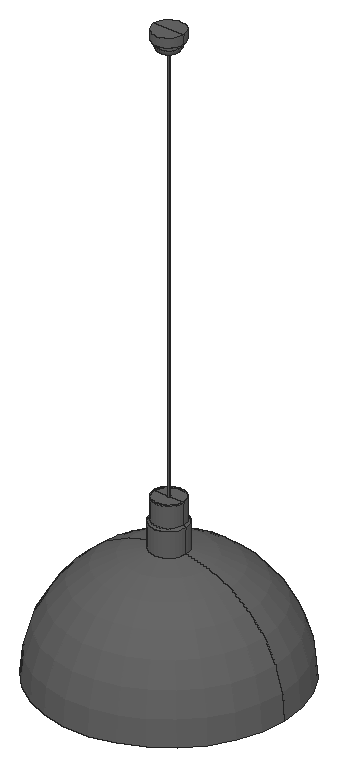
Revit family "OSND MB 24,36,42", category Lighting Fixtures, Revit 2020
Family settings
  Round Connector Dimension = Use Diameter
  Part Type = Normal
  OmniClass Number = 23.80.70.00
  OmniClass Title = Lighting
  Work Plane-Based = No
  Always vertical = Yes
  Cut with Voids When Loaded = No
  Light Source = Yes
  Shared = No
  Room Calculation Point = No
Parameters (values of type "OSND42")
  b = 0' - 6"
  a = 2' - 5"
  Weight = "25.5 lbs"
  Wattage Comments = "200 W Max"  # constant formula
  Wattage = 20.1963 W
  Warranty = "5 year limited warranty"  # constant formula
  built-in parameter 1150110 = 1 (stored number, unit not read)
  Voltage = 277 V  # constant formula
  URL = "https://www.anplighting.com/assets/Uploads/product-attachments/specification-sheets/ANP-Specification-Sheet-RLM-MB-OSND42.pdf"
  built-in parameter 1114217 = 1 (stored number, unit not read)
  Tilt Angle = 90.00°
  built-in parameter 1150109 = 1 (stored number, unit not read)
  built-in parameter 1150134 = 12
  built-in parameter 1150113 = 1 (stored number, unit not read)
  Photometric Web File = "generic"
  OSND42 = yes
  OSND36 = no
  OSND24 = no
  built-in parameter 1150142 = (empty or 0)
  Mounting Option [instance] = 1
  Power Factor = 1
  Post Mount [instance] = Mounting Option = 5  # no
  Placement X axis side [instance] = if(Post Mount, 2' 2 15/32", if(Cord or Stem Mount, 0' 0", if(E36 20 inch, 1' 8 1/4", if(E 6 26 inch, 2' 2", if(E7 41 inch, 3' 5 1/4", 0' 1")))))  # 0' - 0"
  Model = "OSND42"
  Manufacturer = "ANP Lighting"  # constant formula
  built-in parameter 1150105 = 238.73 (stored number, unit not read)
  Lumens = 3000 lm
  built-in parameter 1150115 = 1 (stored number, unit not read)
  Load Classification = Lighting
  Light Source Height [instance] = 0' - 0"
  built-in parameter 1150137 = (empty or 0)
  built-in parameter 1150139 = (empty or 0)
  Light Elevation _2 [instance] = if(Post Mount, 0' 0.66142", if(E7 41 inch, 0' 0.66142", if(E36 20 inch, 0' 1.65748", if(E 6 26 inch, 0' 1.53543", if(Cord or Stem Mount, (0' 4.3622" + Cord Length), 0' 0")))))  # 6' - 4.3622"
  Light Elevation _1 [instance] = if(Post Mount, 0' 0", if(E7 41 inch, 0' 0", if(E36 20 inch, 0' 1", if(E 6 26 inch, 0' 0.87402", if(Cord or Stem Mount, (0' 3.66142" + Cord Length), 0' 0")))))  # 6' - 3.66142"
  Light Elevation [instance] = if(Post Mount, 14' 0.5315", if(E7 41 inch, 0' 0", 0' 0"))  # 0' - 0"
  Life = "L70 50,000 hours"  # constant formula
  built-in parameter 1150112 = 1 (stored number, unit not read)
  built-in parameter 1150114 = 1 (stored number, unit not read)
  Lamp = "MB"
  built-in parameter 1150132 = 2
  built-in parameter 1150102 = (empty or 0)
  built-in parameter 1150107 = 4000 (stored number, unit not read)
  built-in parameter 1150138 = (empty or 0)
  built-in parameter 1150106 = 2.3873 (stored number, unit not read)
  Fixture Height = 2' - 5"
  Fixture Diameter = 3' - 6"
  Efficiency = "65-125 lumens per watt"  # constant formula
  built-in parameter 1150104 = 13.8 (stored number, unit not read)
  E7 41 inch [instance] = Mounting Option = 4  # no
  E36 20 inch [instance] = Mounting Option = 3  # no
  E 6 26 inch [instance] = Mounting Option = 2  # no
  Dimming Lamp Color Temperature Shift = <None>
  Dimming = "1%"  # constant formula
  Description = "120-277 Voltage"  # constant formula
  Default Elevation = 0' - 0"
  Cord or Stem Mount [instance] = Mounting Option = 1  # yes
  Cord Length option [instance] = 0
  Cord Length [instance] = if([2' Cord], 2' 0", if([4' Cord], 4' 0", if([8' Cord], 8' 0", if([10' Cord], 10' 0", if([6' Cord], 6' 0", 6' 0")))))  # 6' - 0"
  Construction Material = "Heavy Duty spun aluminum."  # constant formula
  Color Filter = 16777215
  Canopy Body = body
  CRI = ">90"  # constant formula
  Bulb = Bulb
  Body Material = body
  Body Colour = "Spun aluminium"  # constant formula
  built-in parameter 1114218 = 1 (stored number, unit not read)
  built-in parameter 1150133 = 10 (stored number, unit not read)
  Apparent Load = 200 VA
  8' Cord [instance] = Cord Length option = 8  # no
  6' Cord [instance] = Cord Length option = 6  # no
  4' Cord [instance] = Cord Length option = 4  # no
  2' Cord [instance] = Cord Length option = 2  # no
  10' Cord [instance] = Cord Length option = 10  # no
Types (4): name | b | a | Weight | URL | OSND42 | OSND36 | OSND24 | Model | Fixture Height | Fixture Diameter
  (no name) | 0' - 6" | 2' - 5" | "25.5 lbs" | "https://www.anplighting.com/assets/Uploads/product-attachments/specification-sheets/ANP-Specification-Sheet-RLM-MB-OSND42.pdf" | yes | no | no | "OSND42" | 2' - 5" | 3' - 6"
  OSND24 | 0' - 7" | 1' - 8" | "9.0 lbs" | "https://www.anplighting.com/assets/Uploads/product-attachments/specification-sheets/ANP-Specification-Sheet-RLM-MB-OSND24.pdf" | no | no | yes | "OSND24" | 1' - 8" | 2' - 0"
  OSND36 | 0' - 10" | 2' - 2" | "20.0 lbs" | "https://www.anplighting.com/assets/Uploads/product-attachments/specification-sheets/ANP-Specification-Sheet-RLM-MB-OSND36.pdf" | no | yes | no | "OSND36" | 2' - 2" | 3' - 0"
  OSND42 | 0' - 6" | 2' - 5" | "25.5 lbs" | "https://www.anplighting.com/assets/Uploads/product-attachments/specification-sheets/ANP-Specification-Sheet-RLM-MB-OSND42.pdf" | yes | no | no | "OSND42" | 2' - 5" | 3' - 6"
Reference planes (in)
  plane 1 "Light Source Axis (F/B)": y = 0
  plane 2: z = 0
  plane 3 "Light Source Axis (L/R)": x = 0
  plane 4 "Light Source Elevation": z = 0
  plane 5: z = 0
  plane 6: x = 0
  plane 7 "Bulb Position": z = -76.3622
  plane 8 "Canopy Position": z = -75.66142
  plane 9 "IES": z = -76.3622
  plane 10: z = 164.5315
  plane 11: z = -104.66142
  plane 12: z = -98.66142
  plane 13: z = -96.23029
Dimensions and locks (in)
  "Light Elevation": plane 5 to plane 2
  "Placement X axis side": plane 6 to plane 3 "Light Source Axis (L/R)"
  "Light Elevation _2": plane 5 to plane 7 "Bulb Position"
  "Light Elevation _1": plane 5 to plane 8 "Canopy Position"
  "Light Source Height": plane 7 "Bulb Position" to plane 9 "IES"
  plane 4 "Light Source Elevation" to plane 2 = 0' - 0"
  "a": plane 8 "Canopy Position" to plane 11
  "b": plane 12 to plane 11
  locked: plane 13 to plane 12 at 2.43113
  aligned and locked: level to plane 2
  aligned and locked: plane 1 "Light Source Axis (F/B)" to nested 5
  aligned and locked: nested 5 to plane 2
  aligned and locked: nested 1 to plane 3 "Light Source Axis (L/R)"
  aligned and locked: plane 3 "Light Source Axis (L/R)" to nested 2
  aligned and locked: plane 3 "Light Source Axis (L/R)" to nested 4
  aligned and locked: nested 3 to plane 5
  aligned and locked: plane 3 "Light Source Axis (L/R)" to nested 3
  aligned and locked: plane 3 "Light Source Axis (L/R)" to nested 5
  aligned and locked: plane 1 "Light Source Axis (F/B)" to nested 2
  aligned and locked: plane 1 "Light Source Axis (F/B)" to nested 1
  aligned and locked: plane 1 "Light Source Axis (F/B)" to nested 4
  aligned and locked: plane 1 "Light Source Axis (F/B)" to nested 3
  aligned and locked: plane 2 to nested 1
  aligned and locked: plane 2 to nested 2
  aligned and locked: nested 4 to plane 2
  aligned and locked: imposter light to plane 6
  aligned and locked: plane 12 to imposter light
  aligned and locked: plane 6 to nested 6
  aligned and locked: plane 6 to nested 7
  aligned and locked: plane 6 to nested 8
  aligned and locked: plane 1 "Light Source Axis (F/B)" to nested 7
  aligned and locked: plane 1 "Light Source Axis (F/B)" to nested 6
  aligned and locked: plane 1 "Light Source Axis (F/B)" to nested 8
  aligned and locked: nested 8 to plane 8 "Canopy Position"
  aligned and locked: nested 7 to plane 8 "Canopy Position"
  aligned and locked: nested 6 to plane 8 "Canopy Position"
Nested families (in)
  nested 1: "CORD OR STEM MOUNT" at (0, 0, -75.67), visible <- "Cord or Stem Mount", Cord or Stem Mount <- "Cord or Stem Mount", Body Material <- "Body Material", Light Elevation <- "Light Elevation", Cord Length <- "Cord Length", 10' Cord <- "10' Cord", 2' Cord <- "2' Cord", 4' Cord <- "4' Cord", 6' Cord <- "6' Cord", 8' Cord <- "8' Cord", type "CORD OR STEM MOUNT"
    with Light Elevation 0' - 0", Cord or Stem Mount yes, Cord Length 6' - 0", Body Material body, 8' Cord no, 6' Cord no, 4' Cord no, 2' Cord no, 10' Cord no
  nested 2: "E6 26 INCH" at (0, 0, 0), visible <- "E 6 26 inch", Chain Length <- "Cord Length", E 6 26 inch <- "E 6 26 inch", Placement X axis side <- "Placement X axis side", Body Material <- "Body Material", Light Elevation <- "Light Elevation", type "E6 26 INCH"
    with Placement X axis side 0' - 0", Light Elevation 0' - 0", E 6 26 inch no, Chain Length 6' - 0", Body Material body
  nested 3: "E7 41 INCH" at (0, 0, 0), Chain Length <- "Cord Length", visible <- "E7 41 inch", E7 41 inch <- "E7 41 inch", Placement X axis side <- "Placement X axis side", Body Material <- "Body Material", Light Elevation <- "Light Elevation", type "E7 41 INCH"
    with Placement X axis side 0' - 0", Light Elevation 0' - 0", E7 41 inch no, Chain Length 6' - 0", Body Material body
  nested 4: "E36 20 INCH" at (0, 0, 0), visible <- "E36 20 inch", E36 20 inch <- "E36 20 inch", Placement X axis side <- "Placement X axis side", Chain Length <- "Cord Length", Body Material <- "Body Material", Light Elevation <- "Light Elevation", type "E36 20 INCH"
    with Placement X axis side 0' - 0", Light Elevation 0' - 0", E36 20 inch no, Chain Length 6' - 0", Body Material body
  nested 5: "POST MOUNT" at (0, 0, 0), visible <- "Post Mount", Post Mount <- "Post Mount", Placement X axis side <- "Placement X axis side", Chain Length <- "Cord Length", Body Material <- "Body Material", Light Elevation <- "Light Elevation", type "POST MOUNT"
    with Post Mount no, Placement X axis side 0' - 0", Light Elevation 0' - 0", Chain Length 6' - 0", Body Material body
  nested 6: "OSND24_1" at (0, 0, -75.66142), Light Elevation <- "Light Elevation", OSND24 <- "OSND24", visible <- "OSND24", Body <- "Canopy Body", Bulb <- "Bulb", type "OSND24_1"
    with OSND24 no, Light Elevation 0' - 0", Bulb Bulb, Body body
  nested 7: "OSND36_1" at (0, 0, -75.66142), Light Elevation <- "Light Elevation", OSND36 <- "OSND36", visible <- "OSND36", Body <- "Canopy Body", Bulb <- "Bulb", type "OSND36_1"
    with OSND36 no, Light Elevation 0' - 0", Bulb Bulb, Body body
  nested 8: "OSND42_1" at (0, 0, -75.66142), Light Elevation <- "Light Elevation", OSND42 <- "OSND42", visible <- "OSND42", Body <- "Canopy Body", Bulb <- "Bulb", type "OSND42_1"
    with OSND42 yes, Light Elevation 0' - 0", Bulb Bulb, Body body
Definition of nested family "CORD OR STEM MOUNT"
  Parameters (values of type "CORD OR STEM MOUNT")
    URL = ""
    Model = ""
    Manufacturer = ""
    Light Elevation [instance] = 1' - 7.69"
    Default Elevation = 0' - 0"
    Cord or Stem Mount [instance] = yes
    Cord Length [instance] = 6' - 0"
    Body Material [instance] = none
    8' Cord [instance] = no
    6' Cord [instance] = no
    4' Cord [instance] = no
    2' Cord [instance] = no
    10' Cord [instance] = no
  Reference planes (in)
    plane 1 "Light Source Axis (F/B)": y = 0
    plane 2: z = 0
    plane 3 "Light Source Axis (L/R)": x = 0
    plane 4 "Light Source Elevation": z = 23.125
    plane 5: z = 91.69
    plane 6: z = 19.69
  Forms (in)
    Extrusion 1, void, not visible
      sketch origin (0, 0, 2.38154) x (1, 0, 0) y (0, 0, 1)
        loop
          circle (0, 4.59925) r 0.16583
      from 1.18594 to 1.75
    Extrusion 2, void, not visible
      sketch origin (0, 0, 2.38154) x (0.707107, -0.707107, 0) y (0, 0, 1)
        loop
          circle (0, 4.59925) r 0.16583
      from 1.18594 to 1.75
    Extrusion 3, void, not visible
      sketch origin (0, 0, 2.38154) x (0.707107, 0.707107, 0) y (0, 0, 1)
        loop
          circle (0, 4.59925) r 0.16583
      from 1.18594 to 1.75
    Extrusion 4, void, not visible
      sketch origin (0, 0, 2.38154) x (0, 1, 0) y (0, 0, 1)
        loop
          circle (0, 4.59925) r 0.16583
      from 1.18594 to 1.75
    Extrusion 5, void, not visible
      sketch origin (0, 0, 2.38154) x (-0.707107, 0.707107, 0) y (0, 0, 1)
        loop
          circle (0, 4.59925) r 0.16583
      from 1.18594 to 1.75
    Extrusion 6, void, not visible
      sketch origin (0, 0, 2.38154) x (-1, 0, 0) y (0, 0, 1)
        loop
          circle (0, 4.59925) r 0.20678
      from 1.18594 to 1.75
    Extrusion 7, void, not visible
      sketch origin (0, 0, 2.38154) x (-0.707107, -0.707107, 0) y (0, 0, 1)
        loop
          circle (0, 4.59925) r 0.16583
      from 1.18594 to 1.75
    Extrusion 8, void, not visible
      sketch origin (0, 0, 2.38154) x (0, -1, 0) y (0, 0, 1)
        loop
          circle (0, 4.59925) r 0.16583
      from 1.18594 to 1.75
    Revolve 9, solid, material <- "Body Material", visible <- "Cord or Stem Mount"
      sketch origin (0, 0, 174.56698) x (1, 0, 0) y (0, 0, 1)
        loop
          line (2.6875, -79.20698) -> (0, -79.20698) -> (0, -82.87698) -> (0.125, -82.87698) -> (0.125, -82.83698) -> (0.75, -82.83698)
          arc (0.75, -82.83698) -> (0.81694, -82.77004) -> (0.75, -82.7031) r 0.06694
          line (0.75, -82.7031) -> (0.89763, -82.7031) -> (1.00223, -82.5985) -> (1.06587, -82.5985)
          arc (1.06587, -82.5985) -> (1.80099, -82.29401) -> (2.10549, -81.55888) r 1.03962
          line (2.10549, -81.55888) -> (2.10549, -81.03899)
          arc (2.10549, -81.03899) -> (2.12951, -80.981) -> (2.1875, -80.95698) r 0.08201
          line (2.1875, -80.95698) -> (2.1875, -80.70698) -> (2.6875, -80.70698) -> (2.6875, -79.20698)
        axis (0, -79.20698) -> (0, -82.87698)
      angle from 0 to 360
    Revolve 10, solid, material <- "Body Material", visible <- "Cord or Stem Mount"
      sketch origin (0, 0, 0) x (1, 0, 0) y (0, 0, 1)
        loop
          line (0, 91.69) -> (-0.125, 91.69) -> (-0.125, 19.69) -> (0, 19.69) -> (0, 91.69)
        axis (0, 19.69) -> (0, 91.69)
      angle from 0 to 360
  Dimensions and locks (in)
    "Light Elevation": plane 6 to plane 2
    "Cord Length": plane 5 to plane 6
    locked: Revolve 10 sketch curve to Revolve 10 sketch curve at 0.125
    aligned and locked: level to plane 2
    aligned and locked: Revolve 10 sketch curve to plane 3 "Light Source Axis (L/R)"
    aligned and locked: Revolve 10 sketch curve to plane 6
    aligned and locked: Revolve 10 sketch curve to plane 5
    aligned and locked: plane 3 "Light Source Axis (L/R)" to Revolve 10 sketch curve
  Automatic sketch dimensions
    Revolve 9 sketch curve to plane 3 "Light Source Axis (L/R)" = 0' - 0"  (x2)
    Revolve 9 sketch curve to plane 5 = 0' - 0"
    plane 3 "Light Source Axis (L/R)" to Revolve 9 sketch curve = 0' - 0 1/8"
    Revolve 9 sketch curve to plane 5 = 0' - 0.17388"
    Revolve 9 sketch curve to Revolve 9 sketch curve = 0' - 0 5/8"
    Revolve 9 sketch curve to Revolve 9 sketch curve = 0' - 0.14763"
    Revolve 9 sketch curve to plane 5 = 0' - 0.27847"
    Revolve 9 sketch curve to Revolve 9 sketch curve = 0' - 0.1046"
    Revolve 9 sketch curve to Revolve 9 sketch curve = 0' - 0.06364"
    Revolve 9 sketch curve to Revolve 9 sketch curve = 0' - 1.03962"
    Revolve 9 sketch curve to Revolve 9 sketch curve = 0' - 0 21/256"
    Revolve 9 sketch curve to Revolve 9 sketch curve = 0' - 0 1/2"  (x2)
    Revolve 9 sketch curve to Revolve 9 sketch curve = 0' - 0.51989"
    Revolve 9 sketch curve to Revolve 9 sketch curve = 0' - 0 1/4"
    Revolve 9 sketch curve to Revolve 9 sketch curve = 0' - 2.3519"
    Revolve 9 sketch curve to Revolve 9 sketch curve = 0' - 1 1/4"
    Revolve 9 sketch curve to Revolve 9 sketch curve = 0' - 0.04"
    Revolve 10 sketch curve to Revolve 10 sketch curve = 0' - 0 1/2"
    Revolve 10 sketch curve to Revolve 10 sketch curve = 0' - 0.42345"
Definition of nested family "OSND42_1"
  Parameters (values of type "OSND42_1")
    OSND42 [instance] = yes
    Light Elevation [instance] = 5' - 0"
    Default Elevation = 0' - 0"
    Bulb [instance] = none
    Body [instance] = none
  Reference planes (in)
    plane 1 "Center (Front/Back)": y = 0
    plane 2: z = 0
    plane 3 "Center (Left/Right)": x = 0
    plane 4: z = 60
  Dimensions and locks (in)
    "Light Elevation": plane 4 to plane 2
    locked: plane 4 to nested 2 at 8.1115
    aligned and locked: plane 2 to level
    aligned and locked: plane 3 "Center (Left/Right)" to nested 1
    aligned and locked: plane 1 "Center (Front/Back)" to nested 1
    aligned and locked: plane 4 to nested 1
  Nested families (in)
    nested 1: "OSND42" at (0, 0, 31), BODY <- "Body", visible <- "OSND42", OSND42 <- "OSND42", type "Standard"
      with OSND42 yes, BODY none
    nested 2: "MB BULB" at (0, 0, 43.73289), Bulb <- "Bulb", visible <- "OSND42", OSND42 <- "OSND42", type "MB BULB"
      with OSND42 yes, Bulb none
  Definition of nested family "OSND42"
    Parameters (values of type "Standard")
      OSND42 [instance] = yes
      BODY [instance] = none
      Default Elevation = 0' - 0"
    Reference planes (in)
      plane 1 "Center (Front/Back)": y = 0
      plane 2: z = 0
      plane 3 "Center (Left/Right)": x = 0
      plane 4: z = 29
      plane 5: x = 21
      plane 6: x = -21
    Forms (in)
      Revolve 1, solid, material <- "BODY", visible <- "OSND42"
        sketch origin (0, 0, 0) x (1, 0, 0) y (0, 0, 1)
          loop
            line (-21, 0) -> (-20.90624, 0)
            arc (-20.90624, 0) -> (-15.88599, 13.70277) -> (-3.07087, 20.68429) r 20.69167
            line (-3.07087, 20.68429) -> (-3.07087, 24.90046) -> (-2.97771, 24.90046)
            arc (-2.97771, 24.90046) -> (-2.74242, 24.99792) -> (-2.64496, 25.23321) r 0.33275
            line (-2.64496, 25.23321) -> (-2.64496, 28.86617)
            arc (-2.64496, 28.86617) -> (-2.63322, 28.89451) -> (-2.60488, 28.90625) r 0.04008
            line (-2.60488, 28.90625) -> (-0.26926, 28.90625) -> (-0.26926, 29) -> (-2.67583, 29)
            arc (-2.67583, 29) -> (-2.72029, 28.98158) -> (-2.73871, 28.93712) r 0.06288
            line (-2.73871, 28.93712) -> (-2.73871, 25.30196)
            arc (-2.73871, 25.30196) -> (-2.83303, 25.07426) -> (-3.06073, 24.97995) r 0.32202
            line (-3.06073, 24.97995) -> (-3.16462, 24.97995) -> (-3.16462, 20.76573)
            arc (-3.16462, 20.76573) -> (-15.98334, 13.7334) -> (-21, 0) r 20.78543
          axis (0, 0) -> (0, 29)
        angle from 0 to 360
    Dimensions and locks (in)
      plane 4 to plane 2 = 2' - 5"
      plane 5 to plane 3 "Center (Left/Right)" = 1' - 9"
      equal spacing: plane 6, plane 3 "Center (Left/Right)", plane 5
      plane 6 to plane 5 = 3' - 6"
      aligned and locked: plane 2 to level
    Automatic sketch dimensions
      Revolve 1 sketch curve to Revolve 1 sketch curve = 0' - 0"  (x2)
      Revolve 1 sketch curve to level = 0' - 0"
      plane 6 to Revolve 1 sketch curve = 0' - 0"
      Revolve 1 sketch curve to plane 4 = 0' - 0"
      Revolve 1 sketch curve to plane 3 "Center (Left/Right)" = 0' - 0"
      Revolve 1 sketch curve to Revolve 1 sketch curve = 0' - 0 3/32"  (x3)
      Revolve 1 sketch curve to plane 3 "Center (Left/Right)" = 0' - 3.16462"
      Revolve 1 sketch curve to Revolve 1 sketch curve = 0' - 0.10389"
      Revolve 1 sketch curve to Revolve 1 sketch curve = 0' - 0.08302"
      Revolve 1 sketch curve to plane 4 = 0' - 0.06288"
      Revolve 1 sketch curve to plane 3 "Center (Left/Right)" = 0' - 2.73871"
      Revolve 1 sketch curve to Revolve 1 sketch curve = 0' - 0.04008"
      Revolve 1 sketch curve to plane 3 "Center (Left/Right)" = 0' - 0.26926"
      Revolve 1 sketch curve to plane 3 "Center (Left/Right)" = 0' - 0.21545"
      level to Revolve 1 sketch curve = 0' - 0.19059"
      Revolve 1 sketch curve to Revolve 1 sketch curve = 0' - 4.03667"
      Revolve 1 sketch curve to Revolve 1 sketch curve = 0' - 0.07949"
      Revolve 1 sketch curve to Revolve 1 sketch curve = 0' - 0.07095"
      Revolve 1 sketch curve to Revolve 1 sketch curve = 0' - 3.18039"
      Revolve 1 sketch curve to Revolve 1 sketch curve = 0' - 4"
  Definition of nested family "MB BULB"
    Parameters (values of type "MB BULB")
      OSND42 [instance] = yes
      Default Elevation = 0' - 0"
      Bulb [instance] = none
    Reference planes (in)
      plane 1 "Center (Front/Back)": y = 0
      plane 2: z = 0
      plane 3 "Center (Left/Right)": x = 0
      plane 4: x = -11
      plane 5: z = 8
      plane 6: x = 11
    Forms (in)
      Revolve 1, solid, material <- "Bulb", visible <- "OSND42"
        sketch origin (0, 0, 0) x (1, 0, 0) y (0, 0, 1)
          loop
            line (0, 6.26711) -> (0.52888, 6.26711) -> (0.64833, 6.38656) -> (0.64833, 7.69749) -> (0.60338, 7.82099) -> (0, 7.82099) -> (0, 6.26711)
          axis (0, 7.82099) -> (0, 6.26711)
        angle from 0 to 360
      Extrusion 2, solid, material <- "Bulb", visible <- "OSND42"
        sketch origin (0, 0, 0) x (1, 0, 0) y (0, 1, 0)
          loop
            line (-0.25215, 0.13417) -> (-0.25215, -0.15988) -> (0.30767, -0.15988) -> (0.30767, 0.13417) -> (-0.25215, 0.13417)
        from 7.82099 to 8.15561
      Extrusion 3, solid, material <- "Bulb", visible <- "OSND42"
        sketch origin (0, 0, 0) x (1, 0, 0) y (0, 0, 1)
          loop
            line (0.30767, 8.15561) -> (0.30767, 7.82099) -> (0.34941, 7.82099) -> (0.34941, 8.08825) -> (0.30767, 8.15561)
        from -0.13417 to 0.15988
      Revolve 4, solid, material <- "Bulb", visible <- "OSND42"
        sketch origin (0, 0, 0.0572) x (1, 0, 0) y (0, 0, 1)
          loop
            line (0.34941, 7.89742) -> (0.44052, 7.89742) -> (0.44052, 7.93962) -> (0.4223, 7.96563) -> (0.38263, 7.96563) -> (0.38263, 7.93181) -> (0.34941, 7.93181) -> (0.34941, 7.89742)
          axis (0.34941, 7.89742) -> (0.44052, 7.89742)
        angle from 0 to 360
    Dimensions and locks (in)
      plane 5 to plane 2 = 0' - 8"
      plane 3 "Center (Left/Right)" to plane 4 = 0' - 11"
      plane 6 to plane 4 = 1' - 10"
      plane 3 "Center (Left/Right)" to Extrusion 2 = 0' - 0.25215"
      aligned and locked: plane 2 to level
      aligned and locked: Extrusion 2 to Revolve 1
      aligned and locked: Extrusion 2 to Extrusion 3
Definition of nested family "E6 26 INCH"
  Parameters (values of type "E6 26 INCH")
    URL = ""
    Placement X axis side [instance] = 2' - 2"
    Model = ""
    Manufacturer = ""
    Light Elevation [instance] = 8' - 4"
    E 6 26 inch [instance] = yes
    Default Elevation = 0' - 0"
    Chain Length [instance] = 0' - 0"
    Body Material [instance] = none
  Reference planes (in)
    plane 1 "Light Source Axis (F/B)": y = 0
    plane 2: z = 0
    plane 3 "Light Source Axis (L/R)": x = 0
    plane 4 "Light Source Elevation": z = 23.125
    plane 5: z = 100
    plane 6: x = -26
    plane 7: z = 99.125
    plane 8: x = -24.12
    plane 9: x = -25.5474
  Forms (in)
    Extrusion 1, void, not visible
      sketch origin (0, 0, 2.38154) x (1, 0, 0) y (0, 0, 1)
        loop
          circle (0, 4.59925) r 0.16583
      from 1.18594 to 1.75
    Extrusion 2, void, not visible
      sketch origin (0, 0, 2.38154) x (0.707107, -0.707107, 0) y (0, 0, 1)
        loop
          circle (0, 4.59925) r 0.16583
      from 1.18594 to 1.75
    Extrusion 3, void, not visible
      sketch origin (0, 0, 2.38154) x (0.707107, 0.707107, 0) y (0, 0, 1)
        loop
          circle (0, 4.59925) r 0.16583
      from 1.18594 to 1.75
    Extrusion 4, void, not visible
      sketch origin (0, 0, 2.38154) x (0, 1, 0) y (0, 0, 1)
        loop
          circle (0, 4.59925) r 0.16583
      from 1.18594 to 1.75
    Extrusion 5, void, not visible
      sketch origin (0, 0, 2.38154) x (-0.707107, 0.707107, 0) y (0, 0, 1)
        loop
          circle (0, 4.59925) r 0.16583
      from 1.18594 to 1.75
    Extrusion 6, void, not visible
      sketch origin (0, 0, 2.38154) x (-1, 0, 0) y (0, 0, 1)
        loop
          circle (0, 4.59925) r 0.20678
      from 1.18594 to 1.75
    Extrusion 7, void, not visible
      sketch origin (0, 0, 2.38154) x (-0.707107, -0.707107, 0) y (0, 0, 1)
        loop
          circle (0, 4.59925) r 0.16583
      from 1.18594 to 1.75
    Extrusion 8, void, not visible
      sketch origin (0, 0, 2.38154) x (0, -1, 0) y (0, 0, 1)
        loop
          circle (0, 4.59925) r 0.16583
      from 1.18594 to 1.75
    Sweep 9, solid, material <- "Body Material", visible <- "E 6 26 inch"
      path origin (-41.25, 0, 168.51693) x (1, 0, 0) y (0, 0, 1)
        loop
          line (17.13, -68.51693) -> (27.68551, -68.51693)
          arc (27.68551, -68.51693) -> (28.47996, -68.34486) -> (29.13202, -67.8595) r 1.92004
          line (29.13202, -67.8595) -> (34.23651, -62.01155)
          arc (34.23651, -62.01155) -> (38.65464, -60.89667) -> (41.25, -64.64193) r 4
          line (41.25, -64.64193) -> (41.25, -69.39193)
      profile origin (-18.84224, 0, 100) x (0, 0, 1) y (0, -1, 0)
        loop
          circle (0, 0) r 0.5
    Revolve 10, solid, material <- "Body Material", visible <- "E 6 26 inch"
      sketch origin (-26, 0, 168.51693) x (1, 0, 0) y (0, 0, 1)
        loop
          line (0, -66.07943) -> (0, -68.51693) -> (1.88, -68.51693) -> (1.88, -67.69272) -> (0.4526, -67.69272) -> (0.4526, -66.54122) -> (0.33125, -66.54122) -> (0.33125, -66.07943) -> (0, -66.07943)
        axis (0, -68.51693) -> (1.88, -68.51693)
      angle from 0 to 360
    Extrusion 11, solid, material <- "Body Material", visible <- "E 6 26 inch"
      sketch origin (-26, 0, 168.51693) x (0, -1, 0) y (0, 0, -1)
        loop
          line (0.25, 68.51693) -> (0.25, 69.51693) -> (-0.25, 69.51693) -> (-0.25, 68.51693) -> (0.25, 68.51693)
      from 0.4526 to 1.88
  Cuts and joins
    joined: Revolve 10, Extrusion 11
  Dimensions and locks (in)
    "Light Elevation": plane 5 to plane 2
    "Placement X axis side": plane 3 "Light Source Axis (L/R)" to plane 6
    locked: plane 5 to plane 7 at 0.875
    Revolve 10 sketch curve to Revolve 10 sketch curve to Revolve 10 sketch curve to plane 6 = 0' - 1.4274" locked, 0' - 0.12135" locked, 0' - 0.33125" locked
    Revolve 10 sketch curve to Revolve 10 sketch curve to Revolve 10 sketch curve to plane 5 = 0' - 0.46179" locked, 0' - 1.1515" locked, 0' - 0 211/256" locked
    locked: Sweep 9 sketch curve to plane 6 at 1.88
    locked: Sweep 9 sketch curve to Sweep 9 sketch curve at 10.55551
    locked: Sweep 9 sketch curve to Sweep 9 sketch curve at 13.56449
    locked: Sweep 9 sketch curve to Sweep 9 sketch curve at 4.75
    locked: plane 9 to plane 6 at 0.4526
    locked: plane 8 to plane 9 at 1.4274
    aligned and locked: level to plane 2
    aligned and locked: Revolve 10 sketch curve to plane 6
    aligned and locked: plane 5 to Revolve 10 sketch curve
    aligned and locked: Revolve 10 sketch curve to plane 5
    aligned and locked: cut or joined group of Revolve 10, Extrusion 11 to plane 9
    aligned and locked: plane 8 to cut or joined group of Revolve 10, Extrusion 11
  Automatic sketch dimensions
    Sweep 9 sketch curve to plane 5 = 0' - 0"
    Sweep 9 sketch curve to Sweep 9 sketch curve = 0' - 4"
    Sweep 9 sketch curve to Sweep 9 sketch curve = 0' - 3.01349"
    plane 5 to Sweep 9 sketch curve = 0' - 0.65743"
    Sweep 9 sketch curve to Sweep 9 sketch curve = 0' - 1.4465"
    Sweep 9 sketch curve to plane 5 = 0' - 0 7/8"
    profile plane to Sweep 9 sketch curve = 0' - 0"
    Sweep 9 sketch curve to profile plane = 0' - 0"
    plane 6 to Revolve 10 sketch curve = 0' - 0.62562"
    Revolve 10 sketch curve to Revolve 10 sketch curve = 0' - 0 1/2"
    Extrusion 11 sketch curve to plane 5 = 0' - 0"
    plane 1 "Light Source Axis (F/B)" to Extrusion 11 sketch curve = 0' - 0 1/4"
    Extrusion 11 sketch curve to plane 1 "Light Source Axis (F/B)" = 0' - 0 1/4"
    plane 5 to Extrusion 11 sketch curve = 0' - 1"
    radius of Sweep 9 sketch curve = 0' - 0 1/2"
Definition of nested family "E7 41 INCH"
  Parameters (values of type "E7 41 INCH")
    URL = ""
    Placement X axis side [instance] = 4' - 2"
    Model = ""
    Manufacturer = ""
    Light Elevation [instance] = 8' - 4"
    E7 41 inch [instance] = yes
    Default Elevation = 0' - 0"
    Chain Length [instance] = 0' - 0"
    Body Material [instance] = none
  Reference planes (in)
    plane 1 "Light Source Axis (F/B)": y = 0
    plane 2: z = 0
    plane 3 "Light Source Axis (L/R)": x = 0
    plane 4 "Light Source Elevation": z = 23.125
    plane 5: z = 100
    plane 6: x = -50
  Forms (in)
    Extrusion 1, void, not visible
      sketch origin (0, 0, 2.38154) x (1, 0, 0) y (0, 0, 1)
        loop
          circle (0, 4.59925) r 0.16583
      from 1.18594 to 1.75
    Extrusion 2, void, not visible
      sketch origin (0, 0, 2.38154) x (0.707107, -0.707107, 0) y (0, 0, 1)
        loop
          circle (0, 4.59925) r 0.16583
      from 1.18594 to 1.75
    Extrusion 3, void, not visible
      sketch origin (0, 0, 2.38154) x (0.707107, 0.707107, 0) y (0, 0, 1)
        loop
          circle (0, 4.59925) r 0.16583
      from 1.18594 to 1.75
    Extrusion 4, void, not visible
      sketch origin (0, 0, 2.38154) x (0, 1, 0) y (0, 0, 1)
        loop
          circle (0, 4.59925) r 0.16583
      from 1.18594 to 1.75
    Extrusion 5, void, not visible
      sketch origin (0, 0, 2.38154) x (-0.707107, 0.707107, 0) y (0, 0, 1)
        loop
          circle (0, 4.59925) r 0.16583
      from 1.18594 to 1.75
    Extrusion 6, void, not visible
      sketch origin (0, 0, 2.38154) x (-1, 0, 0) y (0, 0, 1)
        loop
          circle (0, 4.59925) r 0.20678
      from 1.18594 to 1.75
    Extrusion 7, void, not visible
      sketch origin (0, 0, 2.38154) x (-0.707107, -0.707107, 0) y (0, 0, 1)
        loop
          circle (0, 4.59925) r 0.16583
      from 1.18594 to 1.75
    Extrusion 8, void, not visible
      sketch origin (0, 0, 2.38154) x (0, -1, 0) y (0, 0, 1)
        loop
          circle (0, 4.59925) r 0.16583
      from 1.18594 to 1.75
    Revolve 9, solid, material <- "Body Material", visible <- "E7 41 inch"
      sketch origin (-41.25, 0, 168.39193) x (1, 0, 0) y (0, 0, 1)
        loop
          line (-8.75, -66.20443) -> (-8.75, -68.51693) -> (-6.87, -68.51693) -> (-6.87, -67.69272) -> (-8.2974, -67.69272) -> (-8.2974, -66.54122) -> (-8.41875, -66.54122) -> (-8.41875, -66.20443) -> (-8.75, -66.20443)
        axis (-8.75, -68.51693) -> (-6.87, -68.51693)
      angle from 0 to 360
    Extrusion 10, solid, material <- "Body Material", visible <- "E7 41 inch"
      sketch origin (-41.25, 0, 168.39193) x (0, -1, 0) y (0, 0, -1)
        loop
          line (0.25, 68.51693) -> (0.25, 69.51693) -> (-0.25, 69.51693) -> (-0.25, 68.51693) -> (0.25, 68.51693)
      from -8.2974 to -6.87
    Sweep 11, solid, material <- "Body Material", visible <- "E7 41 inch"
      path origin (-41.25, 0, 168.39193) x (1, 0, 0) y (0, 0, 1)
        loop
          line (-6.87, -68.51693) -> (16.04011, -68.51693)
          arc (16.04011, -68.51693) -> (17.864, -68.13651) -> (19.38375, -67.0587) r 4.5625
          line (19.38375, -67.0587) -> (24.70217, -61.33018)
          arc (24.70217, -61.33018) -> (29.64465, -60.20324) -> (32.5, -64.39193) r 4.5
          line (32.5, -64.39193) -> (32.5, -68.39193)
      profile origin (-36.66494, 0, 99.875) x (0, 0, 1) y (0, -1, 0)
        loop
          circle (0, 0) r 0.5
  Dimensions and locks (in)
    "Placement X axis side": plane 3 "Light Source Axis (L/R)" to plane 6
    "Light Elevation": plane 5 to plane 2
    locked: Revolve 9 sketch curve to Revolve 9 sketch curve at 0.33125
    locked: Revolve 9 sketch curve to Revolve 9 sketch curve at 0.4526
    locked: Revolve 9 sketch curve to Revolve 9 sketch curve at 1.88
    locked: Revolve 9 sketch curve to Revolve 9 sketch curve at 0.82421
    locked: Revolve 9 sketch curve to Revolve 9 sketch curve at 1.1515
    locked: Revolve 9 sketch curve to Revolve 9 sketch curve at 0.33679
    locked: plane 5 to Revolve 9 sketch curve at 0.125
    locked: Extrusion 10 sketch curve to Extrusion 10 sketch curve at 0.5
    locked: Extrusion 10 sketch curve to Extrusion 10 sketch curve at 1
    locked: plane 5 to Extrusion 10 sketch curve at 0.125
    locked: plane 5 to Sweep 11 sketch curve at 0.125
    locked: Sweep 11 sketch curve to Sweep 11 sketch curve at 39.37
    locked: Sweep 11 sketch curve to Sweep 11 sketch curve at 4
    locked: plane 6 to Extrusion 10 at 0.4526
    locked: Sweep 11 sketch curve to plane 6 at 1.88
    locked: Extrusion 10 to Extrusion 10 at 1.4274
    aligned and locked: plane 2 to level
    aligned and locked: Revolve 9 sketch curve to plane 6
  Automatic sketch dimensions
    Revolve 9 sketch curve to plane 5 = 0' - 0 1/8"
    plane 6 to Revolve 9 sketch curve = 0' - 0.62562"
    Revolve 9 sketch curve to Revolve 9 sketch curve = 0' - 0 1/2"
    plane 1 "Light Source Axis (F/B)" to Extrusion 10 sketch curve = 0' - 0 1/4"
    Sweep 11 sketch curve to plane 5 = 0' - 0"
    Sweep 11 sketch curve to Sweep 11 sketch curve = 0' - 4 1/2"
    Sweep 11 sketch curve to Sweep 11 sketch curve = 0' - 3.29783"
    plane 5 to Sweep 11 sketch curve = 0' - 1.33323"
    Sweep 11 sketch curve to Sweep 11 sketch curve = 0' - 5.31842"
    Sweep 11 sketch curve to Sweep 11 sketch curve = 0' - 3.34364"
    profile plane to Sweep 11 sketch curve = 0' - 0"
    Sweep 11 sketch curve to profile plane = 0' - 0"
    radius of Sweep 11 sketch curve = 0' - 0 1/2"
Definition of nested family "E36 20 INCH"
  Parameters (values of type "E36 20 INCH")
    URL = ""
    Placement X axis side [instance] = 1' - 8 1/4"
    Model = ""
    Manufacturer = ""
    Light Elevation [instance] = 8' - 4"
    E36 20 inch [instance] = yes
    Default Elevation = 0' - 0"
    Chain Length [instance] = 0' - 0"
    Body Material [instance] = none
  Reference planes (in)
    plane 1 "Light Source Axis (F/B)": y = 0
    plane 2: z = 0
    plane 3 "Light Source Axis (L/R)": x = 0
    plane 4 "Light Source Elevation": z = 23.125
    plane 5: z = 99
    plane 6: x = -20.25
    plane 7: z = 100
    plane 8: x = -18.37008
    plane 9: x = -19.79724
  Forms (in)
    Extrusion 1, void, not visible
      sketch origin (0, 0, 2.38154) x (1, 0, 0) y (0, 0, 1)
        loop
          circle (0, 4.59925) r 0.16583
      from 1.18594 to 1.75
    Extrusion 2, void, not visible
      sketch origin (0, 0, 2.38154) x (0.707107, -0.707107, 0) y (0, 0, 1)
        loop
          circle (0, 4.59925) r 0.16583
      from 1.18594 to 1.75
    Extrusion 3, void, not visible
      sketch origin (0, 0, 2.38154) x (0.707107, 0.707107, 0) y (0, 0, 1)
        loop
          circle (0, 4.59925) r 0.16583
      from 1.18594 to 1.75
    Extrusion 4, void, not visible
      sketch origin (0, 0, 2.38154) x (0, 1, 0) y (0, 0, 1)
        loop
          circle (0, 4.59925) r 0.16583
      from 1.18594 to 1.75
    Extrusion 5, void, not visible
      sketch origin (0, 0, 2.38154) x (-0.707107, 0.707107, 0) y (0, 0, 1)
        loop
          circle (0, 4.59925) r 0.16583
      from 1.18594 to 1.75
    Extrusion 6, void, not visible
      sketch origin (0, 0, 2.38154) x (-1, 0, 0) y (0, 0, 1)
        loop
          circle (0, 4.59925) r 0.20678
      from 1.18594 to 1.75
    Extrusion 7, void, not visible
      sketch origin (0, 0, 2.38154) x (-0.707107, -0.707107, 0) y (0, 0, 1)
        loop
          circle (0, 4.59925) r 0.16583
      from 1.18594 to 1.75
    Extrusion 8, void, not visible
      sketch origin (0, 0, 2.38154) x (0, -1, 0) y (0, 0, 1)
        loop
          circle (0, 4.59925) r 0.16583
      from 1.18594 to 1.75
    Sweep 9, solid, material <- "Body Material", visible <- "E36 20 inch"
      path origin (-41.25, 0, 169.51693) x (1, 0, 0) y (0, 0, 1)
        loop
          line (22.88, -69.51693) -> (28.93827, -69.51693)
          arc (28.93827, -69.51693) -> (29.97705, -69.28152) -> (30.81284, -68.62128) r 2.40953
          line (30.81284, -68.62128) -> (34.13807, -64.50378)
          arc (34.13807, -64.50378) -> (38.58272, -63.24548) -> (41.25, -67.01693) r 4
          line (41.25, -67.01693) -> (41.25, -70.51693)
      profile origin (-15.34086, 0, 100) x (0, 0, 1) y (0, -1, 0)
        loop
          circle (0, 0) r 0.5
    Revolve 10, solid, material <- "Body Material", visible <- "E36 20 inch"
      sketch origin (-20.25, 0, 169.51693) x (1, 0, 0) y (0, 0, 1)
        loop
          line (0, -67.20443) -> (0, -69.51693) -> (1.88, -69.51693) -> (1.88, -68.69272) -> (0.4526, -68.69272) -> (0.4526, -67.54122) -> (0.33125, -67.54122) -> (0.33125, -67.20443) -> (0, -67.20443)
        axis (0, -69.51693) -> (1.88, -69.51693)
      angle from 0 to 360
    Extrusion 11, solid, material <- "Body Material", visible <- "E36 20 inch"
      sketch origin (-20.25, 0, 169.51693) x (0, -1, 0) y (0, 0, -1)
        loop
          line (0.25, 69.51693) -> (0.25, 70.51693) -> (-0.25, 70.51693) -> (-0.25, 69.51693) -> (0.25, 69.51693)
      from 1.87992 to 0.45276
  Cuts and joins
    joined: Revolve 10, Extrusion 11
  Dimensions and locks (in)
    "Light Elevation": plane 7 to plane 2
    "Placement X axis side": plane 3 "Light Source Axis (L/R)" to plane 6
    locked: plane 7 to plane 5 at 1
    Revolve 10 sketch curve to Revolve 10 sketch curve to Revolve 10 sketch curve to plane 7 = 0' - 0.33679" locked, 0' - 1.1515" locked, 0' - 0 211/256" locked
    locked: Sweep 9 sketch curve to plane 6 at 1.88
    locked: Sweep 9 sketch curve to Sweep 9 sketch curve at 6.05827
    locked: Sweep 9 sketch curve to Sweep 9 sketch curve at 12.31173
    locked: Sweep 9 sketch curve to Sweep 9 sketch curve at 3.5
    Revolve 10 sketch curve to Revolve 10 sketch curve to Revolve 10 sketch curve to plane 6 = 0' - 1.4274" locked, 0' - 0.12135" locked, 0' - 0.33125" locked
    locked: plane 9 to plane 6 at 0.45276
    locked: plane 8 to plane 9 at 1.42717
    aligned and locked: level to plane 2
    aligned and locked: plane 7 to Revolve 10 sketch curve
    aligned and locked: Revolve 10 sketch curve to plane 7
    aligned and locked: Revolve 10 sketch curve to plane 6
    aligned and locked: cut or joined group of Revolve 10, Extrusion 11 to plane 9
    aligned and locked: plane 8 to cut or joined group of Revolve 10, Extrusion 11
  Automatic sketch dimensions
    Sweep 9 sketch curve to plane 7 = 0' - 0"
    Sweep 9 sketch curve to plane 5 = 0' - 0"
    Sweep 9 sketch curve to Sweep 9 sketch curve = 0' - 4"
    Sweep 9 sketch curve to plane 7 = 0' - 0.89565"
    Sweep 9 sketch curve to Sweep 9 sketch curve = 0' - 3.32523"
    Sweep 9 sketch curve to Sweep 9 sketch curve = 0' - 1.87457"
    profile plane to Sweep 9 sketch curve = 0' - 0"
    Sweep 9 sketch curve to profile plane = 0' - 0"
    plane 6 to Revolve 10 sketch curve = 0' - 0.62562"
    Revolve 10 sketch curve to Revolve 10 sketch curve = 0' - 0 1/2"
    plane 7 to Extrusion 11 sketch curve = 0' - 0"
    Extrusion 11 sketch curve to plane 5 = 0' - 0"
    plane 1 "Light Source Axis (F/B)" to Extrusion 11 sketch curve = 0' - 0 1/4"
    Extrusion 11 sketch curve to plane 1 "Light Source Axis (F/B)" = 0' - 0 1/4"
    radius of Sweep 9 sketch curve = 0' - 0 1/2"
Definition of nested family "POST MOUNT"
  Parameters (values of type "POST MOUNT")
    URL = ""
    Post Mount [instance] = yes
    Placement X axis side [instance] = 2' - 2 1/2"
    Model = ""
    Manufacturer = ""
    Light Elevation [instance] = 14' - 0.5168"
    Default Elevation = 0' - 0"
    Chain Length [instance] = 0' - 0"
    Body Material [instance] = none
  Reference planes (in)
    plane 1 "Light Source Axis (F/B)": y = 0
    plane 2: z = 0
    plane 3 "Light Source Axis (L/R)": x = 0
    plane 4 "Light Source Elevation": z = 23.125
    plane 5: x = -26.5
    plane 6: z = 168.5168
  Forms (in)
    Extrusion 1, void, not visible
      sketch origin (0, 0, 2.38154) x (1, 0, 0) y (0, 0, 1)
        loop
          circle (0, 4.59925) r 0.16583
      from 1.18594 to 1.75
    Extrusion 2, void, not visible
      sketch origin (0, 0, 2.38154) x (0.707107, -0.707107, 0) y (0, 0, 1)
        loop
          circle (0, 4.59925) r 0.16583
      from 1.18594 to 1.75
    Extrusion 3, void, not visible
      sketch origin (0, 0, 2.38154) x (0.707107, 0.707107, 0) y (0, 0, 1)
        loop
          circle (0, 4.59925) r 0.16583
      from 1.18594 to 1.75
    Extrusion 4, void, not visible
      sketch origin (0, 0, 2.38154) x (0, 1, 0) y (0, 0, 1)
        loop
          circle (0, 4.59925) r 0.16583
      from 1.18594 to 1.75
    Extrusion 5, void, not visible
      sketch origin (0, 0, 2.38154) x (-0.707107, 0.707107, 0) y (0, 0, 1)
        loop
          circle (0, 4.59925) r 0.16583
      from 1.18594 to 1.75
    Extrusion 6, void, not visible
      sketch origin (0, 0, 2.38154) x (-1, 0, 0) y (0, 0, 1)
        loop
          circle (0, 4.59925) r 0.20678
      from 1.18594 to 1.75
    Extrusion 7, void, not visible
      sketch origin (0, 0, 2.38154) x (-0.707107, -0.707107, 0) y (0, 0, 1)
        loop
          circle (0, 4.59925) r 0.16583
      from 1.18594 to 1.75
    Extrusion 8, void, not visible
      sketch origin (0, 0, 2.38154) x (0, -1, 0) y (0, 0, 1)
        loop
          circle (0, 4.59925) r 0.16583
      from 1.18594 to 1.75
    Revolve 9, solid, material <- "Body Material", visible <- "Post Mount"
      sketch origin (-7.90508, 0, 0) x (1, 0, 0) y (0, 0, 1)
        loop
          line (-18.59492, 3.92912) -> (-16.29831, 3.92912) -> (-16.29831, 4.2668) -> (-16.91413, 4.2668) -> (-16.91413, 134.5168) -> (-17.16413, 134.5168) -> (-17.16413, 137.3918) -> (-17.05979, 137.3918)
          arc (-17.05979, 137.3918) -> (-16.93479, 137.5168) -> (-17.05979, 137.6418) r 0.125
          line (-17.05979, 137.6418) -> (-17.48032, 137.6418) -> (-17.48032, 139.0793) -> (-17.73032, 139.0793) -> (-17.73032, 139.5793) -> (-18.59492, 139.5793) -> (-18.59492, 3.92912)
        axis (-18.59492, 139.5793) -> (-18.59492, 3.92912)
      angle from 0 to 360
    Extrusion 10, solid, material <- "Body Material", visible <- "Post Mount"
      sketch origin (0, 0, 0) x (1, 0, 0) y (0, 1, 0)
        loop
          line (-20.5, 5.93079) -> (-32.5, 5.93079) -> (-32.5, -6.06921) -> (-20.5, -6.06921) -> (-20.5, 5.93079)
      from 0 to 3.92912
    Sweep 11, solid, material <- "Body Material", visible <- "Post Mount"
      path origin (0, 0, 48.5) x (1, 0, 0) y (0, 0, 1)
        loop
          line (0, 120.0168) -> (0, 128.0168)
          arc (0, 128.0168) -> (-13.25, 141.2668) -> (-26.5, 128.0168) r 13.25
          line (-26.5, 128.0168) -> (-26.5, 91.0793)
      profile origin (0, 0, 172.5168) x (-1, 0, 0) y (0, -1, 0)
        loop
          circle (0, 0) r 0.5
    Revolve 12, solid, material <- "Body Material", visible <- "Post Mount"
      sketch origin (0, 0, 0) x (1, 0, 0) y (0, 0, 1)
        loop
          line (0, 168.5168) -> (0.75, 168.5168) -> (0.75, 170.7668) -> (0, 170.7668) -> (0, 168.5168)
        axis (0, 170.7668) -> (0, 168.5168)
      angle from 0 to 360
  Cuts and joins
    joined: Revolve 9, Extrusion 10, Sweep 11, Revolve 12
  Dimensions and locks (in)
    "Placement X axis side": plane 3 "Light Source Axis (L/R)" to plane 5
    "Light Elevation": plane 6 to plane 2
    locked: Revolve 12 sketch curve to plane 5 at 26.5  (x2)
    locked: Revolve 9 sketch curve to plane 2 at 3.92912
    locked: Revolve 9 sketch curve to plane 5 at 2.29661
    locked: Revolve 9 sketch curve to plane 5 at 1.68079
    locked: Revolve 9 sketch curve to plane 5 at 1.43079
    locked: Revolve 9 sketch curve to plane 5 at 1.11461
    locked: Revolve 9 sketch curve to plane 5 at 0.86461
    locked: Revolve 9 sketch curve to Revolve 9 sketch curve at 130.58768
    locked: Revolve 9 sketch curve to Revolve 9 sketch curve at 2.875
    locked: Revolve 9 sketch curve to Revolve 9 sketch curve at 0.25
    locked: Revolve 9 sketch curve to Revolve 9 sketch curve at 1.4375
    locked: Revolve 9 sketch curve to Revolve 9 sketch curve at 0.5
    locked: Sweep 11 sketch curve to Sweep 11 sketch curve at 26.5
    locked: Revolve 12 sketch curve to Revolve 12 sketch curve at 0.75
    locked: cut or joined group of Revolve 9, Extrusion 10, Sweep 11, Revolve 12 to plane 2 at 139.5793
    aligned and locked: level to plane 2
    aligned and locked: plane 5 to Sweep 11 sketch curve
    aligned and locked: Revolve 9 sketch curve to plane 5
  Automatic sketch dimensions
    Revolve 9 sketch curve to plane 5 = 0' - 0"
    Revolve 9 sketch curve to Revolve 9 sketch curve = 0' - 0.10434"
    Revolve 9 sketch curve to Revolve 9 sketch curve = 0' - 0.33768"
    Revolve 9 sketch curve to Revolve 9 sketch curve = 0' - 0 1/4"
    Revolve 9 sketch curve to Revolve 9 sketch curve = 0' - 0 7/16"
    Extrusion 10 sketch curve to plane 5 = 0' - 6"
    plane 5 to Extrusion 10 sketch curve = 0' - 6"
    plane 1 "Light Source Axis (F/B)" to Extrusion 10 sketch curve = 0' - 6.06921"
    Extrusion 10 sketch curve to plane 1 "Light Source Axis (F/B)" = 0' - 5.93079"
    Sweep 11 sketch curve to profile plane = 0' - 0"
    profile plane to Sweep 11 sketch curve = 0' - 0"
    Sweep 11 sketch curve to plane 6 = 0' - 0"
    Sweep 11 sketch curve to plane 6 = 0' - 8"
    plane 6 to Sweep 11 sketch curve = 2' - 4 15/16"
    Revolve 12 sketch curve to plane 6 = 0' - 0"
    Revolve 12 sketch curve to plane 6 = 0' - 2 1/4"
    Revolve 12 sketch curve to Revolve 12 sketch curve = 0' - 0 1/2"
    Revolve 12 sketch curve to Revolve 12 sketch curve = 0' - 0"
    radius of Sweep 11 sketch curve = 0' - 0 1/2"
Definition of nested family "OSND24_1"
  Parameters (values of type "OSND24_1")
    OSND24 [instance] = yes
    Light Elevation [instance] = 6' - 0"
    Default Elevation = 0' - 0"
    Bulb [instance] = none
    Body [instance] = none
  Reference planes (in)
    plane 1 "Center (Front/Back)": y = 0
    plane 2: z = 0
    plane 3 "Center (Left/Right)": x = 0
    plane 4: z = 72
  Dimensions and locks (in)
    "Light Elevation": plane 4 to plane 2
    locked: plane 4 to nested 2 at 8.1115
    aligned and locked: plane 2 to level
    aligned and locked: plane 3 "Center (Left/Right)" to nested 1
    aligned and locked: plane 1 "Center (Front/Back)" to nested 1
    aligned and locked: plane 4 to nested 1
  Nested families (in)
    nested 1: "OSND24" at (0, 0, 52), BODY <- "Body", visible <- "OSND24", OSND24 <- "OSND24", type "Standard"
      with OSND24 yes, BODY none
    nested 2: "MB BULB.2" at (0, 0, 55.73289), Bulb <- "Bulb", visible <- "OSND24", OSND24 <- "OSND24", type "MB BULB.2"
      with OSND24 yes, Bulb none
  Definition of nested family "OSND24"
    Parameters (values of type "Standard")
      OSND24 [instance] = yes
      BODY [instance] = none
      Default Elevation = 0' - 0"
    Reference planes (in)
      plane 1 "Center (Front/Back)": y = 0
      plane 2: z = 0
      plane 3 "Center (Left/Right)": x = 0
      plane 4: z = 20
      plane 5: x = 12
      plane 6: x = -12
    Forms (in)
      Revolve 1, solid, material <- "BODY", visible <- "OSND24"
        sketch origin (0, 0, 0) x (1, 0, 0) y (0, 0, 1)
          loop
            arc (-2.67538, 17.78644) -> (-2.49919, 17.85942) -> (-2.42621, 18.0356) r 0.24916
            line (-2.42621, 18.0356) -> (-2.42621, 19.93712)
            arc (-2.42621, 19.93712) -> (-2.40779, 19.98158) -> (-2.36333, 20) r 0.06288
            line (-2.36333, 20) -> (-0.26926, 20) -> (-0.26926, 19.90625) -> (-2.29238, 19.90625)
            arc (-2.29238, 19.90625) -> (-2.32072, 19.89451) -> (-2.33246, 19.86617) r 0.04008
            line (-2.33246, 19.86617) -> (-2.33246, 18.01501)
            arc (-2.33246, 18.01501) -> (-2.41233, 17.80263) -> (-2.61234, 17.69549) r 0.32232
            arc (-2.61234, 17.69549) -> (-2.63634, 17.68264) -> (-2.64592, 17.65716) r 0.03867
            line (-2.64592, 17.65716) -> (-2.64592, 15.1329)
            arc (-2.64592, 15.1329) -> (-2.7318, 14.89895) -> (-2.94866, 14.77614) r 0.36158
            arc (-2.94866, 14.77614) -> (-3.0362, 14.72656) -> (-3.07087, 14.63212) r 0.14596
            line (-3.07087, 14.63212) -> (-3.07087, 11.52891)
            arc (-3.07087, 11.52891) -> (-9.49591, 7.30282) -> (-11.90624, 0) r 11.69234
            line (-11.90624, 0) -> (-12, 0)
            arc (-12, 0) -> (-9.59206, 7.3314) -> (-3.16462, 11.60174) r 11.78609
            line (-3.16462, 11.60174) -> (-3.16462, 14.77712)
            arc (-3.16462, 14.77712) -> (-3.13713, 14.84349) -> (-3.07076, 14.87098) r 0.09386
            line (-3.07076, 14.87098) -> (-3.03943, 14.87098)
            arc (-3.03943, 14.87098) -> (-2.82747, 14.95878) -> (-2.73967, 15.17074) r 0.29976
            line (-2.73967, 15.17074) -> (-2.73967, 17.71913)
            arc (-2.73967, 17.71913) -> (-2.71996, 17.76672) -> (-2.67237, 17.78644) r 0.0673
          axis (0, 0) -> (0, 20)
        angle from 0 to 360
    Dimensions and locks (in)
      plane 4 to plane 2 = 1' - 8"
      plane 5 to plane 3 "Center (Left/Right)" = 1' - 0"
      equal spacing: plane 6, plane 3 "Center (Left/Right)", plane 5
      plane 6 to plane 5 = 2' - 0"
      aligned and locked: plane 2 to level
    Automatic sketch dimensions
      Revolve 1 sketch curve to Revolve 1 sketch curve = 0' - 0"  (x2)
      Revolve 1 sketch curve to level = 0' - 0"
      plane 6 to Revolve 1 sketch curve = 0' - 0"
      Revolve 1 sketch curve to plane 4 = 0' - 0"
      Revolve 1 sketch curve to plane 3 "Center (Left/Right)" = 0' - 0"
      Revolve 1 sketch curve to plane 6 = 0' - 0 3/32"
      Revolve 1 sketch curve to plane 3 "Center (Left/Right)" = 0' - 3.16462"
      Revolve 1 sketch curve to Revolve 1 sketch curve = 0' - 0 3/32"  (x2)
      Revolve 1 sketch curve to Revolve 1 sketch curve = 0' - 0.09386"
      Revolve 1 sketch curve to Revolve 1 sketch curve = 0' - 0.03133"
      Revolve 1 sketch curve to Revolve 1 sketch curve = 0' - 0.03193"
      Revolve 1 sketch curve to Revolve 1 sketch curve = 0' - 0.14596"
      Revolve 1 sketch curve to Revolve 1 sketch curve = 0' - 0.29976"
      Revolve 1 sketch curve to Revolve 1 sketch curve = 0' - 0.06429"
      Revolve 1 sketch curve to Revolve 1 sketch curve = 0' - 0.0673"
      Revolve 1 sketch curve to Revolve 1 sketch curve = 0' - 0.02059"  (x2)
      Revolve 1 sketch curve to Revolve 1 sketch curve = 0' - 0.03867"
      Revolve 1 sketch curve to Revolve 1 sketch curve = 0' - 0.22857"  (x2)
      Revolve 1 sketch curve to Revolve 1 sketch curve = 0' - 0.06288"
      Revolve 1 sketch curve to Revolve 1 sketch curve = 0' - 0.03087"
      Revolve 1 sketch curve to Revolve 1 sketch curve = 0' - 0.04008"
      Revolve 1 sketch curve to plane 4 = 0' - 0 3/32"
      Revolve 1 sketch curve to plane 3 "Center (Left/Right)" = 0' - 0.26926"
      Revolve 1 sketch curve to plane 3 "Center (Left/Right)" = 0' - 0.21545"
      level to Revolve 1 sketch curve = 0' - 0.19059"
      Revolve 1 sketch curve to Revolve 1 sketch curve = 0' - 3.03038"
      Revolve 1 sketch curve to Revolve 1 sketch curve = 0' - 0.145"
      Revolve 1 sketch curve to Revolve 1 sketch curve = 0' - 0.03784"
      Revolve 1 sketch curve to Revolve 1 sketch curve = 0' - 2.20901"
      Revolve 1 sketch curve to Revolve 1 sketch curve = 0' - 0.06197"
      Revolve 1 sketch curve to Revolve 1 sketch curve = 0' - 3.18039"
      Revolve 1 sketch curve to Revolve 1 sketch curve = 0' - 4"
  Definition of nested family "MB BULB.2"
    Parameters (values of type "MB BULB.2")
      OSND24 [instance] = yes
      Default Elevation = 0' - 0"
      Bulb [instance] = none
    Reference planes (in)
      plane 1 "Center (Front/Back)": y = 0
      plane 2: z = 0
      plane 3 "Center (Left/Right)": x = 0
      plane 4: x = -11
      plane 5: z = 8
      plane 6: x = 11
    Forms (in)
      Revolve 1, solid, material <- "Bulb", visible <- "OSND24"
        sketch origin (0, 0, 0) x (1, 0, 0) y (0, 0, 1)
          loop
            line (0, 6.26711) -> (0.52888, 6.26711) -> (0.64833, 6.38656) -> (0.64833, 7.69749) -> (0.60338, 7.82099) -> (0, 7.82099) -> (0, 6.26711)
          axis (0, 7.82099) -> (0, 6.26711)
        angle from 0 to 360
      Extrusion 2, solid, material <- "Bulb", visible <- "OSND24"
        sketch origin (0, 0, 0) x (1, 0, 0) y (0, 1, 0)
          loop
            line (-0.25215, 0.13417) -> (-0.25215, -0.15988) -> (0.30767, -0.15988) -> (0.30767, 0.13417) -> (-0.25215, 0.13417)
        from 7.82099 to 8.15561
      Extrusion 3, solid, material <- "Bulb", visible <- "OSND24"
        sketch origin (0, 0, 0) x (1, 0, 0) y (0, 0, 1)
          loop
            line (0.30767, 8.15561) -> (0.30767, 7.82099) -> (0.34941, 7.82099) -> (0.34941, 8.08825) -> (0.30767, 8.15561)
        from -0.13417 to 0.15988
      Revolve 4, solid, material <- "Bulb", visible <- "OSND24"
        sketch origin (0, 0, 0.0572) x (1, 0, 0) y (0, 0, 1)
          loop
            line (0.34941, 7.89742) -> (0.44052, 7.89742) -> (0.44052, 7.93962) -> (0.4223, 7.96563) -> (0.38263, 7.96563) -> (0.38263, 7.93181) -> (0.34941, 7.93181) -> (0.34941, 7.89742)
          axis (0.34941, 7.89742) -> (0.44052, 7.89742)
        angle from 0 to 360
    Dimensions and locks (in)
      plane 5 to plane 2 = 0' - 8"
      plane 3 "Center (Left/Right)" to plane 4 = 0' - 11"
      plane 6 to plane 4 = 1' - 10"
      plane 3 "Center (Left/Right)" to Extrusion 2 = 0' - 0.25215"
      aligned and locked: plane 2 to level
      aligned and locked: Extrusion 2 to Revolve 1
      aligned and locked: Extrusion 2 to Extrusion 3
Definition of nested family "OSND36_1"
  Parameters (values of type "OSND36_1")
    OSND36 [instance] = yes
    Light Elevation [instance] = 6' - 0"
    Default Elevation = 0' - 0"
    Bulb [instance] = none
    Body [instance] = none
  Reference planes (in)
    plane 1 "Center (Front/Back)": y = 0
    plane 2: z = 0
    plane 3 "Center (Left/Right)": x = 0
    plane 4: z = 72
  Dimensions and locks (in)
    "Light Elevation": plane 4 to plane 2
    locked: plane 4 to nested 2 at 8.1115
    aligned and locked: plane 2 to level
    aligned and locked: plane 3 "Center (Left/Right)" to nested 1
    aligned and locked: plane 1 "Center (Front/Back)" to nested 1
    aligned and locked: plane 4 to nested 1
  Nested families (in)
    nested 1: "OSND36" at (0, 0, 46), BODY <- "Body", visible <- "OSND36", OSND36 <- "OSND36", type "Standard"
      with OSND36 yes, BODY none
    nested 2: "MB BULB" at (0, 0, 55.73289), Bulb <- "Bulb", visible <- "OSND36", OSND36 <- "OSND36", type "MB BULB"
      with OSND36 yes, Bulb none
  Definition of nested family "OSND36"
    Parameters (values of type "Standard")
      OSND36 [instance] = yes
      BODY [instance] = none
      Default Elevation = 0' - 0"
    Reference planes (in)
      plane 1 "Center (Front/Back)": y = 0
      plane 2: z = 0
      plane 3 "Center (Left/Right)": x = 0
      plane 4: z = 26
      plane 5: x = 18
      plane 6: x = -18
    Forms (in)
      Revolve 1, solid, material <- "BODY", visible <- "OSND36"
        sketch origin (0, 0, 0) x (1, 0, 0) y (0, 0, 1)
          loop
            line (-18, 0) -> (-17.90624, 0)
            arc (-17.90624, 0) -> (-13.75876, 11.57387) -> (-3.07087, 17.65046) r 17.69182
            line (-3.07087, 17.65046) -> (-3.07087, 21.90046) -> (-2.97771, 21.90046)
            arc (-2.97771, 21.90046) -> (-2.74242, 21.99792) -> (-2.64496, 22.23321) r 0.33275
            line (-2.64496, 22.23321) -> (-2.64496, 25.86617)
            arc (-2.64496, 25.86617) -> (-2.63322, 25.89451) -> (-2.60488, 25.90625) r 0.04008
            line (-2.60488, 25.90625) -> (-0.26926, 25.90625) -> (-0.26926, 26) -> (-2.67583, 26)
            arc (-2.67583, 26) -> (-2.72029, 25.98158) -> (-2.73871, 25.93712) r 0.06288
            line (-2.73871, 25.93712) -> (-2.73871, 22.30196)
            arc (-2.73871, 22.30196) -> (-2.83303, 22.07426) -> (-3.06073, 21.97995) r 0.32202
            line (-3.06073, 21.97995) -> (-3.16462, 21.97995) -> (-3.16462, 17.72995)
            arc (-3.16462, 17.72995) -> (-13.85581, 11.60405) -> (-18, 0) r 17.78557
          axis (0, 0) -> (0, 26)
        angle from 0 to 360
    Dimensions and locks (in)
      plane 4 to plane 2 = 2' - 2"
      plane 5 to plane 3 "Center (Left/Right)" = 1' - 6"
      equal spacing: plane 6, plane 3 "Center (Left/Right)", plane 5
      plane 6 to plane 5 = 3' - 0"
      aligned and locked: plane 2 to level
    Automatic sketch dimensions
      Revolve 1 sketch curve to Revolve 1 sketch curve = 0' - 0"  (x2)
      Revolve 1 sketch curve to level = 0' - 0"
      plane 6 to Revolve 1 sketch curve = 0' - 0"
      Revolve 1 sketch curve to plane 4 = 0' - 0"
      Revolve 1 sketch curve to plane 3 "Center (Left/Right)" = 0' - 0"
      Revolve 1 sketch curve to Revolve 1 sketch curve = 0' - 0 3/32"  (x3)
      Revolve 1 sketch curve to plane 3 "Center (Left/Right)" = 0' - 3.16462"
      Revolve 1 sketch curve to Revolve 1 sketch curve = 0' - 0.10389"
      Revolve 1 sketch curve to Revolve 1 sketch curve = 0' - 0.08302"
      Revolve 1 sketch curve to plane 4 = 0' - 0.06288"
      Revolve 1 sketch curve to plane 3 "Center (Left/Right)" = 0' - 2.73871"
      Revolve 1 sketch curve to Revolve 1 sketch curve = 0' - 0.04008"
      Revolve 1 sketch curve to plane 3 "Center (Left/Right)" = 0' - 0.26926"
      Revolve 1 sketch curve to plane 3 "Center (Left/Right)" = 0' - 0.21545"
      level to Revolve 1 sketch curve = 0' - 0.19059"
      Revolve 1 sketch curve to Revolve 1 sketch curve = 0' - 4.03667"
      Revolve 1 sketch curve to Revolve 1 sketch curve = 0' - 0.07949"
      Revolve 1 sketch curve to Revolve 1 sketch curve = 0' - 0.07095"
      Revolve 1 sketch curve to Revolve 1 sketch curve = 0' - 3.18039"
      Revolve 1 sketch curve to Revolve 1 sketch curve = 0' - 4"
  Definition of nested family "MB BULB"
    Parameters (values of type "MB BULB")
      OSND36 [instance] = yes
      Default Elevation = 0' - 0"
      Bulb [instance] = none
    Reference planes (in)
      plane 1 "Center (Front/Back)": y = 0
      plane 2: z = 0
      plane 3 "Center (Left/Right)": x = 0
      plane 4: x = -11
      plane 5: z = 8
      plane 6: x = 11
    Forms (in)
      Revolve 1, solid, material <- "Bulb", visible <- "OSND36"
        sketch origin (0, 0, 0) x (1, 0, 0) y (0, 0, 1)
          loop
            line (0, 6.26711) -> (0.52888, 6.26711) -> (0.64833, 6.38656) -> (0.64833, 7.69749) -> (0.60338, 7.82099) -> (0, 7.82099) -> (0, 6.26711)
          axis (0, 7.82099) -> (0, 6.26711)
        angle from 0 to 360
      Extrusion 2, solid, material <- "Bulb", visible <- "OSND36"
        sketch origin (0, 0, 0) x (1, 0, 0) y (0, 1, 0)
          loop
            line (-0.25215, 0.13417) -> (-0.25215, -0.15988) -> (0.30767, -0.15988) -> (0.30767, 0.13417) -> (-0.25215, 0.13417)
        from 7.82099 to 8.15561
      Extrusion 3, solid, material <- "Bulb", visible <- "OSND36"
        sketch origin (0, 0, 0) x (1, 0, 0) y (0, 0, 1)
          loop
            line (0.30767, 8.15561) -> (0.30767, 7.82099) -> (0.34941, 7.82099) -> (0.34941, 8.08825) -> (0.30767, 8.15561)
        from -0.13417 to 0.15988
      Revolve 4, solid, material <- "Bulb", visible <- "OSND36"
        sketch origin (0, 0, 0.0572) x (1, 0, 0) y (0, 0, 1)
          loop
            line (0.34941, 7.89742) -> (0.44052, 7.89742) -> (0.44052, 7.93962) -> (0.4223, 7.96563) -> (0.38263, 7.96563) -> (0.38263, 7.93181) -> (0.34941, 7.93181) -> (0.34941, 7.89742)
          axis (0.34941, 7.89742) -> (0.44052, 7.89742)
        angle from 0 to 360
    Dimensions and locks (in)
      plane 5 to plane 2 = 0' - 8"
      plane 3 "Center (Left/Right)" to plane 4 = 0' - 11"
      plane 6 to plane 4 = 1' - 10"
      plane 3 "Center (Left/Right)" to Extrusion 2 = 0' - 0.25215"
      aligned and locked: plane 2 to level
      aligned and locked: Extrusion 2 to Revolve 1
      aligned and locked: Extrusion 2 to Extrusion 3
